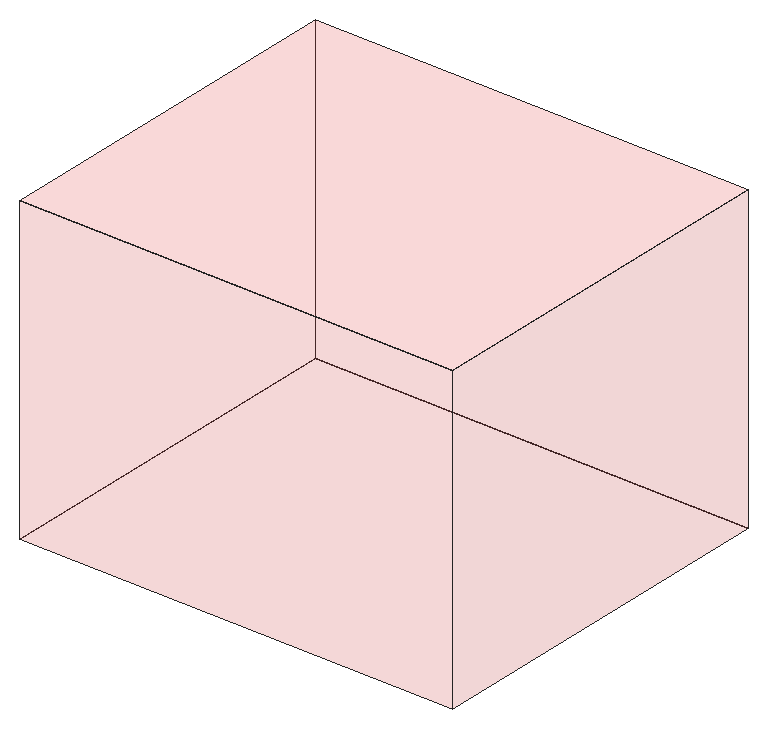
Revit family
Parameters (values of type "YSC072F")
  Voltage [instance] = 575 V
  TAG = "YSC072F"
  ShowClearances [instance] = yes
  Serial Number [instance] = ""
  Revision = "299"
  Product URL = "http://www.trane.com/COMMERCIAL/DNA/View.aspx?i=1106"
  Phase [instance] = 3
  Notes [instance] = ""
  Model = "YSC072EW"
  Manufacturer = "Trane"
  Literature URL = "http://www.trane.com/Commercial/LiteratureSearchList.aspx?model=YSC"
  Heating Entering Dry Bulb Temperature = 70 °F
  Frequency [instance] = 60 Hz
  Equipment Served [instance] = ""
  Designation = "RTU"
  Cooling Entering Wet Bulb Temperature = 67 °F
  Cooling Entering Dry Bulb Temperature = 80 °F
  CB1Y = 120 5/8"
  CB1X = 144 5/16"
  Ambient Air Temperature = 95 °F
Reference planes (in)
  plane 1 "Center (Front/Back)": y = 0
  plane 2: z = 0
  plane 3 "Center (Left/Right)": x = 0
  plane 4 "F1": y = 0.625
  plane 5 "F2": y = 0.625
  plane 6 "B1": y = 53.375
  plane 7 "B2": y = 53.375
  plane 8 "B3": y = 52.625
  plane 9 "R1": x = 88
  plane 10 "R2": x = 88
  plane 11 "M1": z = 2.375
  plane 12 "M2": z = 2.375
  plane 13 "M3": z = 2.375
Dimensions and locks (in)
  nested 1 to plane 10 "R2" = 43 11/16"
Nested families (in)
  nested 1: "TraneClearanceCube" at (44.42493, 1.78944, 0), visible <- "ShowClearances", type "TraneClearance0"
    with Z 112 7/8", Y 137 1/4", X 160 5/8", TEXT6 "Trane Clearance", TEXT5 "Trane Clearance", TEXT4 "Trane Clearance", TEXT3 "Trane Clearance", TEXT2 "Trane Clearance", TEXT1 "Trane Clearance", ST 112 7/8", LY 68 5/8", LX 80 5/16", ED 0"
Connectors (in)
  piping at (27.625, 0.625, 4.25)
    settings: index 2
  piping at (47.875, 0.625, 4.5)
    settings: on plane 5 "F2", index 5
  hvac at (12.25, 53.375, 20.9375)
    settings: on plane 6 "B1", index 7
  hvac at (39.625, 53.375, 16.75)
    settings: on plane 7 "B2", index 10
  piping at (27.625, 52.625, 4.25)
    settings: on plane 8 "B3", index 14
  electrical at (88, 5.625, 5.625)
    settings: on plane 9 "R1", index 24
  electrical at (88, 4.25, 18.5)
    settings: on plane 10 "R2", index 27
  hvac at (12.375, 33.1875, 2.375)
    settings: on plane 11 "M1", index 50
  hvac at (39.75, 32.75, 2.375)
    settings: on plane 12 "M2", index 53
  piping at (27.625, 4.125, 2.375)
    settings: on plane 13 "M3", index 55
Definition of nested family "TraneClearanceCube"
  Parameters (values of type "TraneClearance0")
    Z [instance] = 24"
    Y [instance] = 36"
    X [instance] = 60"
    TEXT6 [instance] = "Trane Clearance"
    TEXT5 [instance] = "Trane Clearance"
    TEXT4 [instance] = "Trane Clearance"
    TEXT3 [instance] = "Trane Clearance"
    TEXT2 [instance] = "Trane Clearance"
    TEXT1 [instance] = "Trane Clearance"
    T6VIS = no
    T5VIS = no
    T4VIS = no
    T3VIS = no
    T2VIS = no
    T1VIS = no
    ST [instance] = 24"
    LY [instance] = Y / 2  # 18"
    LX [instance] = X / 2  # 30"
    ED [instance] = 0"
    Assembly Code = ""
  Types (7): name | Y | X | T6VIS | T5VIS | T4VIS | T3VIS | T2VIS | T1VIS | LY | LX
    TraneClearance0 | 36" | 60" | no | no | no | no | no | no | 18" | 30"
    TraneClearance1 | 72" | 24" | no | no | no | no | no | yes | 36" | 12"
    TraneClearance2 | 72" | 24" | no | no | no | no | yes | yes | 36" | 12"
    TraneClearance3 | 72" | 24" | no | no | no | yes | yes | yes | 36" | 12"
    TraneClearance4 | 72" | 24" | no | no | yes | yes | yes | yes | 36" | 12"
    TraneClearance5 | 72" | 24" | no | yes | yes | yes | yes | yes | 36" | 12"
    TraneClearance6 | 72" | 24" | yes | yes | yes | yes | yes | yes | 36" | 12"
  Reference planes (in)
    plane 1 "Center (Front/Back)": y = 18.83556
    plane 2: z = 0
    plane 3 "Center (Left/Right)": x = -0.11243
    plane 4 "CT": z = 24
    plane 5: y = 0.83556
    plane 6: y = 36.83556
    plane 7: x = -30.11243
    plane 8: x = 29.88757
  Forms (in)
    Extrusion 1, solid
      sketch origin (0.14953, -4.98336, 0) x (1, 0, 0) y (0, 1, 0)
        loop
          line (-30.26196, 41.81892) -> (-30.26196, 5.81892) -> (29.73804, 5.81892) -> (29.73804, 41.81892) -> (-30.26196, 41.81892)
      from 0 to 24
  Lines and regions (in)
    symbolic lines, style "Trane-Clearance"
      curve 1: line (-0.11243, 0.83556, 0) -> (-0.11243, 36.83556, 0)
      curve 2: line (-0.11243, 0.83556, 24) -> (-0.11243, 0.83556, 0)
      curve 3: line (-0.11243, 36.83556, 24) -> (-0.11243, 0.83556, 24)
      curve 4: line (-0.11243, 36.83556, 0) -> (-0.11243, 36.83556, 24)
      curve 5: line (-30.11243, 18.83556, 0) -> (29.88757, 18.83556, 0)
      curve 6: line (-30.11243, 18.83556, 24) -> (-30.11243, 18.83556, 0)
      curve 7: line (29.88757, 18.83556, 24) -> (-30.11243, 18.83556, 24)
      curve 8: line (29.88757, 18.83556, 0) -> (29.88757, 18.83556, 24)
      curve 9: line (-30.11243, 0.83556, 0) -> (-30.11243, 36.83556, 0)
      curve 10: line (-30.11243, 36.83556, 0) -> (29.88757, 36.83556, 0)
      curve 11: line (29.88757, 36.83556, 0) -> (29.88757, 0.83556, 0)
      curve 12: line (29.88757, 0.83556, 0) -> (-30.11243, 0.83556, 0)
  Dimensions and locks (in)
    "Z": plane 4 "CT" to plane 2
    "LY": plane 1 "Center (Front/Back)" to plane 6
    equal spacing: plane 6, plane 1 "Center (Front/Back)", plane 5
    "LX": plane 7 to plane 3 "Center (Left/Right)"
    equal spacing: plane 7, plane 3 "Center (Left/Right)", plane 8
    locked: plane 6 to text3d elem at 2.65
    locked: plane 6 to text3d elem at 5.3
    locked: plane 6 to text3d elem at 7.95
    locked: plane 6 to text3d elem at 10.6
    locked: plane 6 to text3d elem at 13.25
    equal spacing: text3d elem, plane 3 "Center (Left/Right)", text3d elem
    locked: plane 6 to text3d elem at 2.14853
    aligned and locked: plane 6 to Extrusion 1
    aligned and locked: Extrusion 1 to plane 5
    aligned and locked: plane 7 to Extrusion 1
    aligned and locked: Extrusion 1 to plane 8
    aligned and locked: curve 12 to plane 5
    aligned and locked: curve 9 to plane 7
    aligned and locked: plane 8 to curve 11
    aligned and locked: plane 4 "CT" to Extrusion 1
    aligned and locked: Extrusion 1 to level
    aligned and locked: plane 6 to curve 4
    aligned and locked: curve 2 to plane 5
    aligned and locked: plane 4 "CT" to curve 3
    aligned and locked: curve 1 to level
    aligned and locked: curve 8 to plane 8
    aligned and locked: plane 7 to curve 6
    aligned and locked: curve 5 to level
    aligned and locked: curve 10 to plane 6
  Automatic sketch dimensions
    plane 7 to Extrusion 1 sketch curve = 0"
    plane 8 to Extrusion 1 sketch curve = 0"
    Extrusion 1 sketch curve to plane 5 = 0"
    Extrusion 1 sketch curve to plane 6 = 0"
    curve 7 to plane 4 "CT" = 0"
